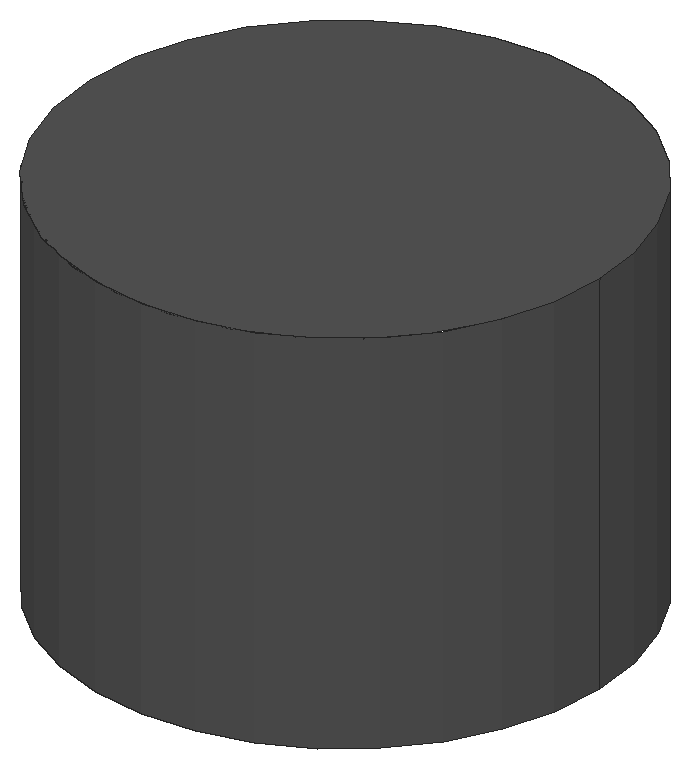
Revit family "RONDO-90", category Осветительные приборы, Revit 2017
Family settings
  Размер круглого соединителя = Использовать диаметр
  Тип детали = Нормальный
  На основе рабочей плоскости = Нет
  Всегда вертикально = Да
  При загрузке вырезать с полостями = Нет
  Источник света = Да
  Общий = Нет
  Точка расчета площади = Нет
Parameters (values of type "022907 Светильник SP-RONDO-90B-8W White")
  built-in parameter 1150104 = 13.8 (stored number, unit not read)
  built-in parameter 1150134 = 5
  Файл фотометрической сетки = "022907_SP-RONDO-90B-8W White.ies"
  Tilt Angle = 90.00°
  built-in parameter 1150137 = (empty or 0)
  built-in parameter 1150132 = 2
  built-in parameter 1150114 = 1 (stored number, unit not read)
  Dimming Lamp Color Temperature Shift = (empty or 0)
  built-in parameter 1150105 = 44.563 (stored number, unit not read)
  Color Filter = 16777215
  Lumens = 560 lm
  Разработчик (телефон) = "+7 (495) 781-05-35"  # constant formula
  Разработчик (e-mail) = "info@constructor.ru"  # constant formula
  Разработчик (URL) = "https://constructor.ru/"  # constant formula
  Разработчик = "НТЦ Конструктор"  # constant formula
  built-in parameter 1150109 = 1 (stored number, unit not read)
  built-in parameter 1150112 = 1 (stored number, unit not read)
  built-in parameter 1150110 = 1 (stored number, unit not read)
  built-in parameter 1150113 = 1 (stored number, unit not read)
  built-in parameter 1150115 = 1 (stored number, unit not read)
  built-in parameter 1114218 = 1 (stored number, unit not read)
  built-in parameter 1114217 = 1 (stored number, unit not read)
  Apparent Load = ADSK_Номинальная мощность / ADSK_Коэффициент мощности  # 16 VA
  built-in parameter 1150106 = 0.44563 (stored number, unit not read)
  Описание = "Накладной светильник 8 Вт, черный круглый корпус. Цвет БЕЛЫЙ 6000K, св.поток 480-560лм, CRI(Ra)>80, угол 100°. Размер Ф90x65 мм. Питание AC176-240V, 8 Вт, драйвер встроенный (300mA 20-40V)."
  built-in parameter 1150133 = 10 (stored number, unit not read)
  Wattage = 3.76998 W
  built-in parameter 1150139 = (empty or 0)
  Контакты ООО "Арлайт РУС" для получения счёта = "roman@transistor.ru, T +7 495 926 56 50 (доб.1115), моб. +7 (925) 871-32-07"  # constant formula
  Комментарии к типоразмеру = "Арт. 022907"
  built-in parameter 1150138 = (empty or 0)
  built-in parameter 1150107 = 6000 (stored number, unit not read)
  built-in parameter 1150102 = (empty or 0)
  Emit from Circle Diameter = 88 mm
  Изготовитель (телефон) = "8 800 505 26 29"  # constant formula
  Изготовитель (сайт) = "www.arlight.ru"  # constant formula
  Изготовитель = "ARLIGHT"  # constant formula
  Группа модели = "Светильники"  # constant formula
  Видимая форма излучения при визуализации = no
  URL = "https://arlight.ru/catalog/product/svetilnik-sp-rondo-90b-8w-white-022907/"
  ARL_Цвет свечения = "Белый 6000K"
  ARL_Цвет покрытия = "Черный"
  ARL_Угол обзора = "100°"
  ARL_Тип товара = "Светильник"
  ARL_Способ монтажа = "Накладной"
  ARL_Серия = "RONDO"
  ARL_Рабочая температура окружающей среды = "-10...+50 °C"
  ARL_Обозначение корпуса = "Корпус круглый, металл, цвет черный"
  ARL_Область использования = "Для освещения в жилых, офисных, торговых помещений."
  ARL_Материал корпуса = Металл, чёрный
  ARL_Класс пылевлагозащиты = "IP40"
  ARL_Класс защиты от поражения электрическим током = "II"
  ARL_Индекс цветопередачи = ">80"
  ARL_Драйвер = "Встроенный (300mA 20-40V)"
  ADSK_Ток = ADSK_Номинальная мощность / (ADSK_Коэффициент мощности * ADSK_Напряжение * sqrt(ADSK_Количество фаз числовое))  # 0.0695652 A
  ADSK_Размер_Диаметр = 90 mm
  ADSK_Размер_Высота = 65 mm
  ADSK_Примечание = ""
  ADSK_Полная мощность = ADSK_Номинальная мощность / ADSK_Коэффициент мощности  # 16 VA
  ADSK_Позиция = ""
  ADSK_Номинальная мощность = 8 W
  ADSK_Напряжение = 230 V
  ADSK_Наименование = "Светильник"
  ADSK_Масса_Текст = "0.42"
  ADSK_Марка = "SP-RONDO-90B-8W White"
  ADSK_Коэффициент мощности = 0.5
  ADSK_Количество фаз числовое = 1
  ADSK_Количество фаз = 1
  ADSK_Код изделия = Комментарии к типоразмеру  # "Арт. 022907"
  ADSK_Классификация нагрузок = Освещение
  ADSK_Завод-изготовитель = Изготовитель  # "ARLIGHT"
  ADSK_Единица измерения = "шт."
Types (7, lengths in mm): name | built-in parameter 1150134 | Файл фотометрической сетки | Описание | Комментарии к типоразмеру | built-in parameter 1150107 | URL | ARL_Цвет свечения | ARL_Цвет покрытия | ARL_Обозначение корпуса | ARL_Материал корпуса | ADSK_Марка | ADSK_Код изделия
  022901 Светильник SP-RONDO-90B-8W Warm White | (empty or 0) | "022901_SP-RONDO-90B-8W Warm White.ies" | "Накладной светильник 8 Вт, черный круглый корпус. Цвет ТЕПЛЫЙ БЕЛЫЙ 3000K, св.поток 480-560лм, CRI(Ra)>80, угол 100°. Размер Ф90x65 мм. Питание AC176-240V, 8 Вт, драйвер встроенный (300mA 20-40V)." | "Арт. 022901" | 3000 (stored number, unit not read) | "https://arlight.ru/catalog/product/svetilnik-sp-rondo-90b-8w-warm-white-022901/" | "Теплый 3000K" | "Черный" | "Корпус круглый, металл, цвет черный" | Металл, чёрный | "SP-RONDO-90B-8W Warm White" | "Арт. 022901"
  022241 Светильник SP-RONDO-90B-8W Day White | 12 | "022241_SP-RONDO-90B-8W Day White.ies" | "Накладной светильник 8 Вт, черный круглый корпус. Цвет ДНЕВНОЙ БЕЛЫЙ 4000K, св.поток 480-560лм, CRI(Ra)>80, угол 100°. Размер Ф90x65 мм. Питание AC176-240V, 8 Вт, драйвер встроенный (300mA 20-40V)." | "Арт. 022241" | 4000 (stored number, unit not read) | "https://arlight.ru/catalog/product/svetilnik-sp-rondo-90b-8w-day-white-022241/" | "Дневной 4000K" | "Черный" | "Корпус круглый, металл, цвет черный" | Металл, чёрный | "SP-RONDO-90B-8W Day White" | "Арт. 022241"
  022907 Светильник SP-RONDO-90B-8W White | 5 | "022907_SP-RONDO-90B-8W White.ies" | "Накладной светильник 8 Вт, черный круглый корпус. Цвет БЕЛЫЙ 6000K, св.поток 480-560лм, CRI(Ra)>80, угол 100°. Размер Ф90x65 мм. Питание AC176-240V, 8 Вт, драйвер встроенный (300mA 20-40V)." | "Арт. 022907" | 6000 (stored number, unit not read) | "https://arlight.ru/catalog/product/svetilnik-sp-rondo-90b-8w-white-022907/" | "Белый 6000K" | "Черный" | "Корпус круглый, металл, цвет черный" | Металл, чёрный | "SP-RONDO-90B-8W White" | "Арт. 022907"
  022907(1) Светильник SP-RONDO-90B-8W White | 5 | "022907(1)_SP-RONDO-90B-8W White.ies" | "Накладной светильник 8 Вт, черный круглый корпус. Цвет БЕЛЫЙ 6000K, св.поток 480-560лм, CRI(Ra)>80, угол 100°. Размер Ф90x65 мм. Питание AC176-240V, 8 Вт, драйвер встроенный (300mA 20-40V)." | "Арт. 022907(1)" | 6000 (stored number, unit not read) | "https://arlight.ru/catalog/product/svetilnik-sp-rondo-90b-8w-white-022907-1/" | "Белый 6000K" | "Черный" | "Корпус круглый, металл, цвет черный" | Металл, чёрный | "SP-RONDO-90B-8W White" | "Арт. 022907(1)"
  021780 Светильник SP-RONDO-90A-8W Warm White | (empty or 0) | "021780_SP-RONDO-90A-8W Warm White.ies" | "Накладной светильник 8 Вт, белый круглый корпус. Цвет ТЕПЛЫЙ БЕЛЫЙ 3000K, св.поток 480-560лм, CRI(Ra)>80, угол 100°. Размер Ф90x65 мм. Питание AC176-240V, 8 Вт, драйвер встроенный (300mA 20-40V)." | "Арт. 021780" | 3000 (stored number, unit not read) | "https://arlight.ru/catalog/product/svetilnik-sp-rondo-90a-8w-warm-white-021780/" | "Теплый 3000K" | "Белый" | "Корпус круглый, металл, цвет белый" | Металл, белый | "SP-RONDO-90A-8W Warm White" | "Арт. 021780"
  022234 Светильник SP-RONDO-90A-8W Day White | 12 | "022234_SP-RONDO-90A-8W Day White.ies" | "Накладной светильник 8 Вт, белый круглый корпус. Цвет ДНЕВНОЙ БЕЛЫЙ 4000K, св.поток 480-560лм, CRI(Ra)>80, угол 100°. Размер Ф90x65 мм. Питание AC176-240V, 8 Вт, драйвер встроенный (300mA 20-40V)." | "Арт. 022234" | 4000 (stored number, unit not read) | "https://arlight.ru/catalog/product/svetilnik-sp-rondo-90a-8w-day-white-022234/" | "Дневной 4000K" | "Белый" | "Корпус круглый, металл, цвет белый" | Металл, белый | "SP-RONDO-90A-8W Day White" | "Арт. 022234"
  022235 Светильник SP-RONDO-90A-8W White | 5 | "022235_SP-RONDO-90A-8W White.ies" | "Накладной светильник 8 Вт, белый круглый корпус. Цвет БЕЛЫЙ 6000K, св.поток 480-560лм, CRI(Ra)>80, угол 100°. Размер Ф90x65 мм. Питание AC176-240V, 8 Вт, драйвер встроенный (300mA 20-40V)." | "Арт. 022235" | 6000 (stored number, unit not read) | "https://arlight.ru/catalog/product/svetilnik-sp-rondo-90a-8w-white-022235/" | "Белый 6000K" | "Белый" | "Корпус круглый, металл, цвет белый" | Металл, белый | "SP-RONDO-90A-8W White" | "Арт. 022235"
Reference planes
  plane 1 "По центру (Вперед/Назад)": y = 0
  plane 2: z = 0
  plane 3 "По центру (Влево/Вправо)": x = 0
  plane 4: x = -45
  plane 5: x = 45
  plane 6: y = 45
  plane 7: y = -45
  plane 8: z = -65
Forms (mm)
  Extrusion 1, solid, material "Металл, чёрный" <- "ARL_Материал корпуса", detail levels medium+fine
    sketch origin (0, 0, 0) x (1, 0, 0) y (0, 1, 0)
      loop
        circle (0, 0) r 45
    from 0 to -65
  Extrusion 2, void, detail levels fine
    sketch origin (0, 0, 0) x (1, 0, 0) y (0, 1, 0)
      loop
        circle (0, 0) r 43.5
    from -65 to -60.954
  Revolve 3, solid, material "Стекло, белое, высокой яркости", detail levels fine
    sketch origin (0, 0, -1) x (1, 0, 0) y (0, 0, 1)
      loop
        line (0, -62) -> (0, -59.954) -> (-43.426, -59.954) -> (-43.426, -62) -> (0, -62)
      axis (0, -62) -> (0, -59.954)
    angle from 0 to 360
  Extrusion 4, solid, material "Металл, чёрный" <- "ARL_Материал корпуса", detail levels coarse
    sketch origin (0, 0, 0) x (1, 0, 0) y (0, 1, 0)
      loop
        circle (0, 0) r 45
    from 0 to -65
Cuts and joins
  Extrusion 2 cuts Extrusion 1
Dimensions and locks
  "ADSK_Размер_Высота": plane 2 to plane 8
  aligned and locked: level to plane 2
  aligned and locked: Extrusion 1 to plane 8
  aligned and locked: Extrusion 2 to Revolve 3
Automatic sketch dimensions
  plane 1 "По центру (Вперед/Назад)" to Extrusion 1 sketch curve = 0 mm
  Extrusion 1 sketch curve to plane 3 "По центру (Влево/Вправо)" = 0 mm
  plane 1 "По центру (Вперед/Назад)" to Extrusion 2 sketch curve = 0 mm
  Extrusion 2 sketch curve to plane 3 "По центру (Влево/Вправо)" = 0 mm
  Revolve 3 sketch curve to plane 3 "По центру (Влево/Вправо)" = 0 mm  (x2)
  plane 4 to Revolve 3 sketch curve = 1.574 mm
  plane 8 to Revolve 3 sketch curve = 2 mm
  Revolve 3 sketch curve to Revolve 3 sketch curve = 2.046 mm
  Revolve 3 sketch curve to plane 8 = 305.8 mm
  level to Revolve 3 sketch curve = 168.8 mm
  plane 1 "По центру (Вперед/Назад)" to Extrusion 4 sketch curve = 0 mm
  Extrusion 4 sketch curve to plane 5 = 45 mm
  radius of Extrusion 1 sketch curve = 45 mm
  radius of Extrusion 2 sketch curve = 43.5 mm
  radius of Extrusion 4 sketch curve = 45 mm
Nested families
  nested 1: "УГО" at (0, 0, 0), type "УГО", detail levels coarse
Connectors
  electrical at (0, 0, 0), driven by "ADSK_Количество фаз", driven by "ADSK_Напряжение", driven by "ADSK_Полная мощность", driven by "ADSK_Коэффициент мощности"
    settings: on cut or joined group of Extrusion 1, Extrusion 2, index 1, voltage 230 V, apparent load 16 VA, apparent load phase1 0 VA, apparent load phase2 0 VA, apparent load phase3 0 VA, power factor 0.5, load classification "Освещение", number of poles 1, system type 30, power factor state 1, is connector primary yes, connector utility no, sub classification motor no, connector description ""
Definition of nested family "УГО"
  Reference planes
    plane 1: y = 0
    plane 2: x = 0
  Lines and regions (mm)
    detail lines
      curve 1: circle (0, 0, 0) r 2.462 normal (0, 0, 1)
      curve 2: line (1, 2.25, 0) -> (1, -2.25, 0)
      curve 3: line (-1, 2.25, 0) -> (-1, -2.25, 0)
